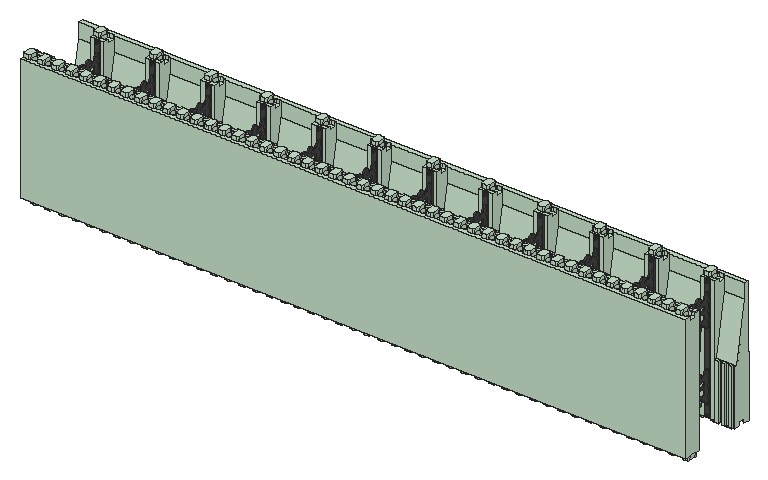
Revit family (continued)
Automatic sketch dimensions
  Extrusion 149 sketch curve to Extrusion 149 sketch curve = 0' - 0.07692"  (x2)
  Extrusion 149 sketch curve to Extrusion 149 sketch curve = 0' - 0.17323"
  Extrusion 149 sketch curve to Extrusion 149 sketch curve = 0' - 0.01019"
  Extrusion 149 sketch curve to Extrusion 149 sketch curve = 0' - 0.07677"
  Extrusion 149 sketch curve to Extrusion 149 sketch curve = 0' - 0.17083"
  Extrusion 149 sketch curve to Extrusion 149 sketch curve = 0' - 0.01665"
  Extrusion 149 sketch curve to Extrusion 149 sketch curve = 0' - 0.14808"
  Extrusion 149 sketch curve to Extrusion 149 sketch curve = 0' - 0.33686"
  Extrusion 149 sketch curve to Extrusion 149 sketch curve = 0' - 0.2216"
  Extrusion 150 sketch curve to plane 7 = 0' - 0.72692"
  Extrusion 150 sketch curve to plane 3 "Center (Left/Right)" = 1' - 3"
  Extrusion 150 sketch curve to Extrusion 150 sketch curve = 0' - 0.17308"  (x2)
  Extrusion 150 sketch curve to Extrusion 150 sketch curve = 0' - 0"  (x5)
  Extrusion 150 sketch curve to Extrusion 150 sketch curve = 0' - 0 1/4"  (x5)
  Extrusion 150 sketch curve to Extrusion 150 sketch curve = 0' - 0.17323"
  Extrusion 150 sketch curve to Extrusion 150 sketch curve = 0' - 0.01019"
  Extrusion 150 sketch curve to Extrusion 150 sketch curve = 0' - 0.07677"
  Extrusion 150 sketch curve to Extrusion 150 sketch curve = 0' - 0.07692"
  Extrusion 150 sketch curve to Extrusion 150 sketch curve = 0' - 0.17083"
  Extrusion 150 sketch curve to Extrusion 150 sketch curve = 0' - 0.01665"
  Extrusion 150 sketch curve to Extrusion 150 sketch curve = 0' - 0.14808"
  Extrusion 150 sketch curve to Extrusion 150 sketch curve = 0' - 0.33686"
  Extrusion 150 sketch curve to Extrusion 150 sketch curve = 0' - 0.2216"
  Extrusion 151 sketch curve to plane 7 = 0' - 0.72692"
  Extrusion 151 sketch curve to plane 3 "Center (Left/Right)" = 1' - 1"
  Extrusion 151 sketch curve to Extrusion 151 sketch curve = 0' - 0.17308"  (x2)
  Extrusion 151 sketch curve to Extrusion 151 sketch curve = 0' - 0"  (x5)
  Extrusion 151 sketch curve to Extrusion 151 sketch curve = 0' - 0 1/4"  (x5)
  Extrusion 151 sketch curve to Extrusion 151 sketch curve = 0' - 0.17323"
  Extrusion 151 sketch curve to Extrusion 151 sketch curve = 0' - 0.01019"
  Extrusion 151 sketch curve to Extrusion 151 sketch curve = 0' - 0.07677"
  Extrusion 151 sketch curve to Extrusion 151 sketch curve = 0' - 0.07692"
  Extrusion 151 sketch curve to Extrusion 151 sketch curve = 0' - 0.17083"
  Extrusion 151 sketch curve to Extrusion 151 sketch curve = 0' - 0.01665"
  Extrusion 151 sketch curve to Extrusion 151 sketch curve = 0' - 0.14808"
  Extrusion 151 sketch curve to Extrusion 151 sketch curve = 0' - 0.33686"
  Extrusion 151 sketch curve to Extrusion 151 sketch curve = 0' - 0.2216"
  Extrusion 152 sketch curve to plane 7 = 0' - 0.72692"
  Extrusion 152 sketch curve to plane 3 "Center (Left/Right)" = 0' - 11"
  Extrusion 152 sketch curve to Extrusion 152 sketch curve = 0' - 0.17308"  (x2)
  Extrusion 152 sketch curve to Extrusion 152 sketch curve = 0' - 0"  (x5)
  Extrusion 152 sketch curve to Extrusion 152 sketch curve = 0' - 0 1/4"  (x5)
  Extrusion 152 sketch curve to Extrusion 152 sketch curve = 0' - 0.17323"
  Extrusion 152 sketch curve to Extrusion 152 sketch curve = 0' - 0.01019"
  Extrusion 152 sketch curve to Extrusion 152 sketch curve = 0' - 0.07677"
  Extrusion 152 sketch curve to Extrusion 152 sketch curve = 0' - 0.07692"
  Extrusion 152 sketch curve to Extrusion 152 sketch curve = 0' - 0.17083"
  Extrusion 152 sketch curve to Extrusion 152 sketch curve = 0' - 0.01665"
  Extrusion 152 sketch curve to Extrusion 152 sketch curve = 0' - 0.14808"
  Extrusion 152 sketch curve to Extrusion 152 sketch curve = 0' - 0.33686"
  Extrusion 152 sketch curve to Extrusion 152 sketch curve = 0' - 0.2216"
  Extrusion 153 sketch curve to plane 7 = 0' - 0.72692"
  Extrusion 153 sketch curve to plane 3 "Center (Left/Right)" = 0' - 9"
  Extrusion 153 sketch curve to Extrusion 153 sketch curve = 0' - 0.17308"  (x2)
  Extrusion 153 sketch curve to Extrusion 153 sketch curve = 0' - 0"  (x5)
  Extrusion 153 sketch curve to Extrusion 153 sketch curve = 0' - 0 1/4"  (x5)
  Extrusion 153 sketch curve to Extrusion 153 sketch curve = 0' - 0.17323"
  Extrusion 153 sketch curve to Extrusion 153 sketch curve = 0' - 0.01019"
  Extrusion 153 sketch curve to Extrusion 153 sketch curve = 0' - 0.07677"
  Extrusion 153 sketch curve to Extrusion 153 sketch curve = 0' - 0.07692"
  Extrusion 153 sketch curve to Extrusion 153 sketch curve = 0' - 0.17083"
  Extrusion 153 sketch curve to Extrusion 153 sketch curve = 0' - 0.01665"
  Extrusion 153 sketch curve to Extrusion 153 sketch curve = 0' - 0.14808"
  Extrusion 153 sketch curve to Extrusion 153 sketch curve = 0' - 0.33686"
  Extrusion 153 sketch curve to Extrusion 153 sketch curve = 0' - 0.2216"
  Extrusion 154 sketch curve to plane 7 = 0' - 0.72692"
  Extrusion 154 sketch curve to plane 3 "Center (Left/Right)" = 0' - 7"
  Extrusion 154 sketch curve to Extrusion 154 sketch curve = 0' - 0.17308"  (x2)
  Extrusion 154 sketch curve to Extrusion 154 sketch curve = 0' - 0"  (x5)
  Extrusion 154 sketch curve to Extrusion 154 sketch curve = 0' - 0 1/4"  (x5)
  Extrusion 154 sketch curve to Extrusion 154 sketch curve = 0' - 0.17323"
  Extrusion 154 sketch curve to Extrusion 154 sketch curve = 0' - 0.01019"
  Extrusion 154 sketch curve to Extrusion 154 sketch curve = 0' - 0.07677"
  Extrusion 154 sketch curve to Extrusion 154 sketch curve = 0' - 0.07692"
  Extrusion 154 sketch curve to Extrusion 154 sketch curve = 0' - 0.17083"
  Extrusion 154 sketch curve to Extrusion 154 sketch curve = 0' - 0.01665"
  Extrusion 154 sketch curve to Extrusion 154 sketch curve = 0' - 0.14808"
  Extrusion 154 sketch curve to Extrusion 154 sketch curve = 0' - 0.33686"
  Extrusion 154 sketch curve to Extrusion 154 sketch curve = 0' - 0.2216"
  Extrusion 155 sketch curve to plane 7 = 0' - 0.72692"
  Extrusion 155 sketch curve to plane 3 "Center (Left/Right)" = 0' - 5"
  Extrusion 155 sketch curve to Extrusion 155 sketch curve = 0' - 0.17308"  (x2)
  Extrusion 155 sketch curve to Extrusion 155 sketch curve = 0' - 0"  (x5)
  Extrusion 155 sketch curve to Extrusion 155 sketch curve = 0' - 0 1/4"  (x5)
  Extrusion 155 sketch curve to Extrusion 155 sketch curve = 0' - 0.17323"
  Extrusion 155 sketch curve to Extrusion 155 sketch curve = 0' - 0.01019"
  Extrusion 155 sketch curve to Extrusion 155 sketch curve = 0' - 0.07677"
  Extrusion 155 sketch curve to Extrusion 155 sketch curve = 0' - 0.07692"
  Extrusion 155 sketch curve to Extrusion 155 sketch curve = 0' - 0.17083"
  Extrusion 155 sketch curve to Extrusion 155 sketch curve = 0' - 0.01665"
  Extrusion 155 sketch curve to Extrusion 155 sketch curve = 0' - 0.14808"
  Extrusion 155 sketch curve to Extrusion 155 sketch curve = 0' - 0.33686"
  Extrusion 155 sketch curve to Extrusion 155 sketch curve = 0' - 0.2216"
  Extrusion 156 sketch curve to plane 7 = 0' - 0.72692"
  Extrusion 156 sketch curve to plane 3 "Center (Left/Right)" = 0' - 3"
  Extrusion 156 sketch curve to Extrusion 156 sketch curve = 0' - 0.17308"  (x2)
  Extrusion 156 sketch curve to Extrusion 156 sketch curve = 0' - 0"  (x5)
  Extrusion 156 sketch curve to Extrusion 156 sketch curve = 0' - 0.07692"  (x2)
  Extrusion 156 sketch curve to Extrusion 156 sketch curve = 0' - 0 1/4"  (x4)
  Extrusion 156 sketch curve to Extrusion 156 sketch curve = 0' - 0.17323"
  Extrusion 156 sketch curve to Extrusion 156 sketch curve = 0' - 0.01019"
  Extrusion 156 sketch curve to Extrusion 156 sketch curve = 0' - 0.07677"
  Extrusion 156 sketch curve to Extrusion 156 sketch curve = 0' - 0.17083"
  Extrusion 156 sketch curve to Extrusion 156 sketch curve = 0' - 0.01665"
  Extrusion 156 sketch curve to Extrusion 156 sketch curve = 0' - 0.14808"
  Extrusion 156 sketch curve to Extrusion 156 sketch curve = 0' - 0.33686"
  Extrusion 156 sketch curve to Extrusion 156 sketch curve = 0' - 0.2216"
  Extrusion 157 sketch curve to plane 3 "Center (Left/Right)" = 0' - 1"
  Extrusion 157 sketch curve to Extrusion 157 sketch curve = 0' - 0.17308"  (x2)
  Extrusion 157 sketch curve to Extrusion 157 sketch curve = 0' - 0"  (x5)
  Extrusion 157 sketch curve to Extrusion 157 sketch curve = 0' - 0 1/4"  (x4)
  Extrusion 157 sketch curve to Extrusion 157 sketch curve = 0' - 0.07692"  (x2)
  Extrusion 157 sketch curve to Extrusion 157 sketch curve = 0' - 0.17323"
  Extrusion 157 sketch curve to Extrusion 157 sketch curve = 0' - 0.01019"
  Extrusion 157 sketch curve to Extrusion 157 sketch curve = 0' - 0.07677"
  Extrusion 157 sketch curve to Extrusion 157 sketch curve = 0' - 0.17083"
  Extrusion 157 sketch curve to Extrusion 157 sketch curve = 0' - 0.01665"
  Extrusion 157 sketch curve to plane 7 = 0' - 0.48905"
  Extrusion 157 sketch curve to Extrusion 157 sketch curve = 0' - 0.14808"
  Extrusion 157 sketch curve to Extrusion 157 sketch curve = 0' - 0.33686"
  Extrusion 157 sketch curve to Extrusion 157 sketch curve = 0' - 0.2216"
  curve 1 to level = 0' - 0"
  curve 1 to plane 9 = 0' - 0"
  plane 3 "Center (Left/Right)" to curve 1 = 0' - 8"
  curve 5 to plane 9 = 0' - 0"
  curve 5 to level = 0' - 0"
  curve 4 to plane 9 = 0' - 0"
  curve 4 to level = 0' - 0"
  curve 3 to level = 0' - 0"
  curve 3 to plane 9 = 0' - 0"
  curve 2 to level = 0' - 0"
  curve 2 to plane 9 = 0' - 0"
  plane 3 "Center (Left/Right)" to curve 5 = 1' - 4"
  curve 5 to curve 4 = 2' - 0"
  curve 4 to curve 3 = 2' - 0"
  curve 2 to plane 4 = 0' - 8"
  Extrusion 158 sketch curve to level = 0' - 0"
  Extrusion 158 sketch curve to plane 9 = 0' - 0"
  Extrusion 158 sketch curve to plane 7 = 0' - 0"
  Extrusion 158 sketch curve to Extrusion 158 sketch curve = 0' - 0 1/4"
  Extrusion 158 sketch curve to Extrusion 158 sketch curve = 0' - 0 5/8"
  Extrusion 158 sketch curve to Extrusion 158 sketch curve = 0' - 8"
  Extrusion 158 sketch curve to Extrusion 158 sketch curve = 0' - 2.07143"
  Extrusion 158 sketch curve to plane 5 = 0' - 0 1/2"
  Extrusion 159 sketch curve to plane 9 = 0' - 0"
  Extrusion 159 sketch curve to plane 5 = 0' - 0 1/4"
  Extrusion 159 sketch curve to Extrusion 159 sketch curve = 0' - 0 1/4"
  plane 7 to Extrusion 159 sketch curve = 0' - 0 5/8"
  Extrusion 159 sketch curve to Extrusion 159 sketch curve = 0' - 2.07143"
  level to Extrusion 159 sketch curve = 0' - 8"
  Extrusion 160 sketch curve to plane 9 = 0' - 0"
  Extrusion 160 sketch curve to plane 5 = 0' - 0 1/4"
  Extrusion 160 sketch curve to Extrusion 160 sketch curve = 0' - 0 1/4"
  plane 7 to Extrusion 160 sketch curve = 0' - 0 5/8"
  Extrusion 160 sketch curve to Extrusion 160 sketch curve = 0' - 2.07143"
  level to Extrusion 160 sketch curve = 0' - 8"
  Extrusion 161 sketch curve to plane 9 = 0' - 0"
  Extrusion 161 sketch curve to plane 5 = 0' - 0 1/4"
  Extrusion 161 sketch curve to Extrusion 161 sketch curve = 0' - 0 1/4"
  plane 7 to Extrusion 161 sketch curve = 0' - 0 5/8"
  Extrusion 161 sketch curve to Extrusion 161 sketch curve = 0' - 2.07143"
  level to Extrusion 161 sketch curve = 0' - 8"
  Extrusion 162 sketch curve to plane 9 = 0' - 0"
  Extrusion 162 sketch curve to plane 5 = 0' - 0 1/4"
  Extrusion 162 sketch curve to Extrusion 162 sketch curve = 0' - 0 1/4"
  plane 7 to Extrusion 162 sketch curve = 0' - 0 5/8"
  Extrusion 162 sketch curve to Extrusion 162 sketch curve = 0' - 2.07143"
  level to Extrusion 162 sketch curve = 0' - 8"
  Extrusion 163 sketch curve to plane 9 = 0' - 0"
  Extrusion 163 sketch curve to plane 5 = 0' - 0 1/4"
  Extrusion 163 sketch curve to Extrusion 163 sketch curve = 0' - 0 1/4"
  plane 7 to Extrusion 163 sketch curve = 0' - 0 5/8"
  Extrusion 163 sketch curve to Extrusion 163 sketch curve = 0' - 2.07143"
  level to Extrusion 163 sketch curve = 0' - 8"
  Extrusion 164 sketch curve to plane 9 = 0' - 0"
  Extrusion 164 sketch curve to plane 5 = 0' - 0 1/4"
  Extrusion 164 sketch curve to Extrusion 164 sketch curve = 0' - 0 1/4"
  plane 7 to Extrusion 164 sketch curve = 0' - 0 5/8"
  Extrusion 164 sketch curve to Extrusion 164 sketch curve = 0' - 2.07143"
  level to Extrusion 164 sketch curve = 0' - 8"
  Extrusion 165 sketch curve to plane 9 = 0' - 0"
  Extrusion 165 sketch curve to plane 5 = 0' - 0 1/4"
  Extrusion 165 sketch curve to Extrusion 165 sketch curve = 0' - 0 1/4"
  plane 7 to Extrusion 165 sketch curve = 0' - 0 5/8"
  Extrusion 165 sketch curve to Extrusion 165 sketch curve = 0' - 2.07143"
  level to Extrusion 165 sketch curve = 0' - 8"
  Extrusion 166 sketch curve to plane 9 = 0' - 0"
  Extrusion 166 sketch curve to plane 5 = 0' - 0 1/4"
  Extrusion 166 sketch curve to Extrusion 166 sketch curve = 0' - 0 1/4"
  plane 7 to Extrusion 166 sketch curve = 0' - 0 5/8"
  Extrusion 166 sketch curve to Extrusion 166 sketch curve = 0' - 2.07143"
  level to Extrusion 166 sketch curve = 0' - 8"
  Extrusion 167 sketch curve to plane 9 = 0' - 0"
  Extrusion 167 sketch curve to plane 5 = 0' - 0 1/4"
  Extrusion 167 sketch curve to Extrusion 167 sketch curve = 0' - 0 1/4"
  plane 7 to Extrusion 167 sketch curve = 0' - 0 5/8"
  Extrusion 167 sketch curve to Extrusion 167 sketch curve = 0' - 2.07143"
  level to Extrusion 167 sketch curve = 0' - 8"
  Extrusion 168 sketch curve to plane 9 = 0' - 0"
  Extrusion 168 sketch curve to plane 5 = 0' - 0 1/4"
  Extrusion 168 sketch curve to Extrusion 168 sketch curve = 0' - 0 1/4"
  plane 7 to Extrusion 168 sketch curve = 0' - 0 5/8"
  Extrusion 168 sketch curve to Extrusion 168 sketch curve = 0' - 2.07143"
  level to Extrusion 168 sketch curve = 0' - 8"
  Extrusion 169 sketch curve to plane 9 = 0' - 0"
  Extrusion 169 sketch curve to plane 5 = 0' - 0 1/4"
  Extrusion 169 sketch curve to Extrusion 169 sketch curve = 0' - 0 1/4"
  plane 7 to Extrusion 169 sketch curve = 0' - 0 5/8"
  Extrusion 169 sketch curve to Extrusion 169 sketch curve = 0' - 2.07143"
  level to Extrusion 169 sketch curve = 0' - 8"
  Extrusion 170 sketch curve to plane 9 = 0' - 0"
  Extrusion 170 sketch curve to plane 5 = 0' - 0 1/4"
  Extrusion 170 sketch curve to Extrusion 170 sketch curve = 0' - 0 1/4"
  plane 7 to Extrusion 170 sketch curve = 0' - 0 5/8"
  Extrusion 170 sketch curve to Extrusion 170 sketch curve = 0' - 2.07143"
  level to Extrusion 170 sketch curve = 0' - 8"
  Extrusion 171 sketch curve to plane 9 = 0' - 0"
  Extrusion 171 sketch curve to plane 5 = 0' - 0 1/4"
  Extrusion 171 sketch curve to Extrusion 171 sketch curve = 0' - 0 1/4"
  plane 7 to Extrusion 171 sketch curve = 0' - 0 5/8"
  Extrusion 171 sketch curve to Extrusion 171 sketch curve = 0' - 2.07143"
  level to Extrusion 171 sketch curve = 0' - 8"
  plane 3 "Center (Left/Right)" to Extrusion 172 sketch curve = 0' - 0.21883"
  Extrusion 172 sketch curve to Extrusion 172 sketch curve = 0' - 0.06233"  (x143)
  Extrusion 172 sketch curve to Extrusion 172 sketch curve = 0' - 0.43767"  (x130)
  Extrusion 172 sketch curve to Extrusion 172 sketch curve = 0' - 2.43767"  (x12)
  plane 7 to Extrusion 172 sketch curve = 0' - 2 5/8"  (x31)
  plane 7 to Extrusion 172 sketch curve = 0' - 2 3/8"  (x29)
  Extrusion 172 sketch curve to plane 4 = 0' - 0.28117"
  Extrusion 172 sketch curve to plane 4 = 0' - 0.21883"
  Extrusion 172 sketch curve to Extrusion 172 sketch curve = 0' - 0"  (x34)
  Extrusion 172 sketch curve to Extrusion 172 sketch curve = 0' - 0 1/4"  (x50)
Nested families (in)
  nested 1: "NUDURA Diamond Pattern" at (0, 0, 0), type "NUDURA Diamond Pattern"
  nested 2: "NUDURA Diamond Pattern" at (16, 0, 0), type "NUDURA Diamond Pattern"
  nested 3: "NUDURA Diamond Pattern" at (24, 0, 0), type "NUDURA Diamond Pattern"
  nested 4: "NUDURA Diamond Pattern" at (40, 0, 0), type "NUDURA Diamond Pattern"
  nested 5: "NUDURA Diamond Pattern" at (48, 0, 0), type "NUDURA Diamond Pattern"
  nested 6: "NUDURA Diamond Pattern" at (64, 0, 0), type "NUDURA Diamond Pattern"
  nested 7: "NUDURA Diamond Pattern" at (72, 0, 0), type "NUDURA Diamond Pattern"
  nested 8: "NUDURA Diamond Pattern" at (88, 0, 0), type "NUDURA Diamond Pattern"
  nested 9: "NUDURA Diamond Pattern" at (0, 0, 0), type "NUDURA Diamond Pattern"
  nested 10: "NUDURA Diamond Pattern" at (16, 0, 0), type "NUDURA Diamond Pattern"
  nested 11: "NUDURA Diamond Pattern" at (24, 0, 0), type "NUDURA Diamond Pattern"
  nested 12: "NUDURA Diamond Pattern" at (40, 0, 0), type "NUDURA Diamond Pattern"
  nested 13: "NUDURA Diamond Pattern" at (48, 0, 0), type "NUDURA Diamond Pattern"
  nested 14: "NUDURA Diamond Pattern" at (64, 0, 0), type "NUDURA Diamond Pattern"
  nested 15: "NUDURA Diamond Pattern" at (72, 0, 0), type "NUDURA Diamond Pattern"
  nested 16: "NUDURA Diamond Pattern" at (88, 0, 0), type "NUDURA Diamond Pattern"
  nested 17: "Interlock Tooth" at (0, 0, 0), type "Interlock Tooth"
  nested 18: "Interlock Tooth" at (2, 0, 0), type "Interlock Tooth"
  nested 19: "Interlock Tooth" at (4, 0, 0), type "Interlock Tooth"
  nested 20: "Interlock Tooth" at (6, 0, 0), type "Interlock Tooth"
  nested 21: "Interlock Tooth" at (8, 0, 0), type "Interlock Tooth"
  nested 22: "Interlock Tooth" at (10, 0, 0), type "Interlock Tooth"
  nested 23: "Interlock Tooth" at (12, 0, 0), type "Interlock Tooth"
  nested 24: "Interlock Tooth" at (14, 0, 0), type "Interlock Tooth"
  nested 25: "Interlock Tooth" at (16, 0, 0), type "Interlock Tooth"
  nested 26: "Interlock Tooth" at (18, 0, 0), type "Interlock Tooth"
  nested 27: "Interlock Tooth" at (20, 0, 0), type "Interlock Tooth"
  nested 28: "Interlock Tooth" at (22, 0, 0), type "Interlock Tooth"
  nested 29: "Interlock Tooth" at (24, 0, 0), type "Interlock Tooth"
  nested 30: "Interlock Tooth" at (26, 0, 0), type "Interlock Tooth"
  nested 31: "Interlock Tooth" at (28, 0, 0), type "Interlock Tooth"
  nested 32: "Interlock Tooth" at (30, 0, 0), type "Interlock Tooth"
  nested 33: "Interlock Tooth" at (32, 0, 0), type "Interlock Tooth"
  nested 34: "Interlock Tooth" at (34, 0, 0), type "Interlock Tooth"
  nested 35: "Interlock Tooth" at (36, 0, 0), type "Interlock Tooth"
  nested 36: "Interlock Tooth" at (38, 0, 0), type "Interlock Tooth"
  nested 37: "Interlock Tooth" at (40, 0, 0), type "Interlock Tooth"
  nested 38: "Interlock Tooth" at (42, 0, 0), type "Interlock Tooth"
  nested 39: "Interlock Tooth" at (44, 0, 0), type "Interlock Tooth"
  nested 40: "Interlock Tooth" at (46, 0, 0), type "Interlock Tooth"
  nested 41: "Interlock Tooth" at (48, 0, 0), type "Interlock Tooth"
  nested 42: "Interlock Tooth" at (50, 0, 0), type "Interlock Tooth"
  nested 43: "Interlock Tooth" at (52, 0, 0), type "Interlock Tooth"
  nested 44: "Interlock Tooth" at (54, 0, 0), type "Interlock Tooth"
  nested 45: "Interlock Tooth" at (56, 0, 0), type "Interlock Tooth"
  nested 46: "Interlock Tooth" at (58, 0, 0), type "Interlock Tooth"
  nested 47: "Interlock Tooth" at (60, 0, 0), type "Interlock Tooth"
  nested 48: "Interlock Tooth" at (62, 0, 0), type "Interlock Tooth"
  nested 49: "Interlock Tooth" at (64, 0, 0), type "Interlock Tooth"
  nested 50: "Interlock Tooth" at (66, 0, 0), type "Interlock Tooth"
  nested 51: "Interlock Tooth" at (68, 0, 0), type "Interlock Tooth"
  nested 52: "Interlock Tooth" at (70, 0, 0), type "Interlock Tooth"
  nested 53: "Interlock Tooth" at (72, 0, 0), type "Interlock Tooth"
  nested 54: "Interlock Tooth" at (74, 0, 0), type "Interlock Tooth"
  nested 55: "Interlock Tooth" at (76, 0, 0), type "Interlock Tooth"
  nested 56: "Interlock Tooth" at (78, 0, 0), type "Interlock Tooth"
  nested 57: "Interlock Tooth" at (80, 0, 0), type "Interlock Tooth"
  nested 58: "Interlock Tooth" at (82, 0, 0), type "Interlock Tooth"
  nested 59: "Interlock Tooth" at (84, 0, 0), type "Interlock Tooth"
  nested 60: "Interlock Tooth" at (86, 0, 0), type "Interlock Tooth"
  nested 61: "Interlock Tooth" at (88, 0, 0), type "Interlock Tooth"
  nested 62: "Interlock Tooth" at (90, 0, 0), type "Interlock Tooth"
  nested 63: "Interlock Tooth" at (92, 0, 0), type "Interlock Tooth"
  nested 64: "Interlock Tooth" at (94, 0, 0), type "Interlock Tooth"
  nested 65: "Interlock Tooth" at (3, 8.875, 0), type "Interlock Tooth"
  nested 66: "Interlock Tooth" at (11, 8.875, 0), type "Interlock Tooth"
  nested 67: "Interlock Tooth" at (19, 8.875, 0), type "Interlock Tooth"
  nested 68: "Interlock Tooth" at (27, 8.875, 0), type "Interlock Tooth"
  nested 69: "Interlock Tooth" at (35, 8.875, 0), type "Interlock Tooth"
  nested 70: "Interlock Tooth" at (43, 8.875, 0), type "Interlock Tooth"
  nested 71: "Interlock Tooth" at (51, 8.875, 0), type "Interlock Tooth"
  nested 72: "Interlock Tooth" at (59, 8.875, 0), type "Interlock Tooth"
  nested 73: "Interlock Tooth" at (67, 8.875, 0), type "Interlock Tooth"
  nested 74: "Interlock Tooth" at (75, 8.875, 0), type "Interlock Tooth"
  nested 75: "Interlock Tooth" at (83, 8.875, 0), type "Interlock Tooth"
  nested 76: "Interlock Tooth" at (91, 8.875, 0), type "Interlock Tooth"
  nested 77: "Interlock Tooth" at (1, -8.875, -18.5), type "Interlock Tooth"
  nested 78: "Interlock Tooth" at (3, -8.875, -18.5), type "Interlock Tooth"
  nested 79: "Interlock Tooth" at (5, -8.875, -18.5), type "Interlock Tooth"
  nested 80: "Interlock Tooth" at (7, -8.875, -18.5), type "Interlock Tooth"
  nested 81: "Interlock Tooth" at (9, -8.875, -18.5), type "Interlock Tooth"
  nested 82: "Interlock Tooth" at (11, -8.875, -18.5), type "Interlock Tooth"
  nested 83: "Interlock Tooth" at (13, -8.875, -18.5), type "Interlock Tooth"
  nested 84: "Interlock Tooth" at (15, -8.875, -18.5), type "Interlock Tooth"
  nested 85: "Interlock Tooth" at (17, -8.875, -18.5), type "Interlock Tooth"
  nested 86: "Interlock Tooth" at (19, -8.875, -18.5), type "Interlock Tooth"
  nested 87: "Interlock Tooth" at (21, -8.875, -18.5), type "Interlock Tooth"
  nested 88: "Interlock Tooth" at (23, -8.875, -18.5), type "Interlock Tooth"
  nested 89: "Interlock Tooth" at (25, -8.875, -18.5), type "Interlock Tooth"
  nested 90: "Interlock Tooth" at (27, -8.875, -18.5), type "Interlock Tooth"
  nested 91: "Interlock Tooth" at (29, -8.875, -18.5), type "Interlock Tooth"
  nested 92: "Interlock Tooth" at (31, -8.875, -18.5), type "Interlock Tooth"
  nested 93: "Interlock Tooth" at (33, -8.875, -18.5), type "Interlock Tooth"
  nested 94: "Interlock Tooth" at (35, -8.875, -18.5), type "Interlock Tooth"
  nested 95: "Interlock Tooth" at (37, -8.875, -18.5), type "Interlock Tooth"
  nested 96: "Interlock Tooth" at (39, -8.875, -18.5), type "Interlock Tooth"
  nested 97: "Interlock Tooth" at (41, -8.875, -18.5), type "Interlock Tooth"
  nested 98: "Interlock Tooth" at (43, -8.875, -18.5), type "Interlock Tooth"
  nested 99: "Interlock Tooth" at (45, -8.875, -18.5), type "Interlock Tooth"
  nested 100: "Interlock Tooth" at (47, -8.875, -18.5), type "Interlock Tooth"
  nested 101: "Interlock Tooth" at (49, -8.875, -18.5), type "Interlock Tooth"
  nested 102: "Interlock Tooth" at (51, -8.875, -18.5), type "Interlock Tooth"
  nested 103: "Interlock Tooth" at (53, -8.875, -18.5), type "Interlock Tooth"
  nested 104: "Interlock Tooth" at (55, -8.875, -18.5), type "Interlock Tooth"
  nested 105: "Interlock Tooth" at (57, -8.875, -18.5), type "Interlock Tooth"
  nested 106: "Interlock Tooth" at (59, -8.875, -18.5), type "Interlock Tooth"
  nested 107: "Interlock Tooth" at (61, -8.875, -18.5), type "Interlock Tooth"
  nested 108: "Interlock Tooth" at (63, -8.875, -18.5), type "Interlock Tooth"
  nested 109: "Interlock Tooth" at (65, -8.875, -18.5), type "Interlock Tooth"
  nested 110: "Interlock Tooth" at (67, -8.875, -18.5), type "Interlock Tooth"
  nested 111: "Interlock Tooth" at (69, -8.875, -18.5), type "Interlock Tooth"
  nested 112: "Interlock Tooth" at (71, -8.875, -18.5), type "Interlock Tooth"
  nested 113: "Interlock Tooth" at (73, -8.875, -18.5), type "Interlock Tooth"
  nested 114: "Interlock Tooth" at (75, -8.875, -18.5), type "Interlock Tooth"
  nested 115: "Interlock Tooth" at (77, -8.875, -18.5), type "Interlock Tooth"
  nested 116: "Interlock Tooth" at (79, -8.875, -18.5), type "Interlock Tooth"
  nested 117: "Interlock Tooth" at (81, -8.875, -18.5), type "Interlock Tooth"
  nested 118: "Interlock Tooth" at (83, -8.875, -18.5), type "Interlock Tooth"
  nested 119: "Interlock Tooth" at (85, -8.875, -18.5), type "Interlock Tooth"
  nested 120: "Interlock Tooth" at (87, -8.875, -18.5), type "Interlock Tooth"
  nested 121: "Interlock Tooth" at (89, -8.875, -18.5), type "Interlock Tooth"
  nested 122: "Interlock Tooth" at (91, -8.875, -18.5), type "Interlock Tooth"
  nested 123: "Interlock Tooth" at (93, -8.875, -18.5), type "Interlock Tooth"
  nested 124: "Interlock Tooth" at (95, -8.875, -18.5), type "Interlock Tooth"
  nested 125: "Interlock Tooth" at (0, 0, -18.5), type "Interlock Tooth"
  nested 126: "Interlock Tooth" at (2, 0, -18.5), type "Interlock Tooth"
  nested 127: "Interlock Tooth" at (4, 0, -18.5), type "Interlock Tooth"
  nested 128: "Interlock Tooth" at (6, 0, -18.5), type "Interlock Tooth"
  nested 129: "Interlock Tooth" at (8, 0, -18.5), type "Interlock Tooth"
  nested 130: "Interlock Tooth" at (10, 0, -18.5), type "Interlock Tooth"
  nested 131: "Interlock Tooth" at (12, 0, -18.5), type "Interlock Tooth"
  nested 132: "Interlock Tooth" at (14, 0, -18.5), type "Interlock Tooth"
  nested 133: "Interlock Tooth" at (16, 0, -18.5), type "Interlock Tooth"
  nested 134: "Interlock Tooth" at (18, 0, -18.5), type "Interlock Tooth"
  nested 135: "Interlock Tooth" at (20, 0, -18.5), type "Interlock Tooth"
  nested 136: "Interlock Tooth" at (22, 0, -18.5), type "Interlock Tooth"
  nested 137: "Interlock Tooth" at (24, 0, -18.5), type "Interlock Tooth"
  nested 138: "Interlock Tooth" at (26, 0, -18.5), type "Interlock Tooth"
  nested 139: "Interlock Tooth" at (28, 0, -18.5), type "Interlock Tooth"
  nested 140: "Interlock Tooth" at (30, 0, -18.5), type "Interlock Tooth"
  nested 141: "Interlock Tooth" at (32, 0, -18.5), type "Interlock Tooth"
  nested 142: "Interlock Tooth" at (34, 0, -18.5), type "Interlock Tooth"
  nested 143: "Interlock Tooth" at (36, 0, -18.5), type "Interlock Tooth"
  nested 144: "Interlock Tooth" at (38, 0, -18.5), type "Interlock Tooth"
  nested 145: "Interlock Tooth" at (40, 0, -18.5), type "Interlock Tooth"
  nested 146: "Interlock Tooth" at (42, 0, -18.5), type "Interlock Tooth"
  nested 147: "Interlock Tooth" at (44, 0, -18.5), type "Interlock Tooth"
  nested 148: "Interlock Tooth" at (46, 0, -18.5), type "Interlock Tooth"
  nested 149: "Interlock Tooth" at (48, 0, -18.5), type "Interlock Tooth"
  nested 150: "Interlock Tooth" at (50, 0, -18.5), type "Interlock Tooth"
  nested 151: "Interlock Tooth" at (52, 0, -18.5), type "Interlock Tooth"
  nested 152: "Interlock Tooth" at (54, 0, -18.5), type "Interlock Tooth"
  nested 153: "Interlock Tooth" at (56, 0, -18.5), type "Interlock Tooth"
  nested 154: "Interlock Tooth" at (58, 0, -18.5), type "Interlock Tooth"
  nested 155: "Interlock Tooth" at (60, 0, -18.5), type "Interlock Tooth"
  nested 156: "Interlock Tooth" at (62, 0, -18.5), type "Interlock Tooth"
  nested 157: "Interlock Tooth" at (64, 0, -18.5), type "Interlock Tooth"
  nested 158: "Interlock Tooth" at (66, 0, -18.5), type "Interlock Tooth"
  nested 159: "Interlock Tooth" at (68, 0, -18.5), type "Interlock Tooth"
  nested 160: "Interlock Tooth" at (70, 0, -18.5), type "Interlock Tooth"
  nested 161: "Interlock Tooth" at (72, 0, -18.5), type "Interlock Tooth"
  nested 162: "Interlock Tooth" at (74, 0, -18.5), type "Interlock Tooth"
  nested 163: "Interlock Tooth" at (76, 0, -18.5), type "Interlock Tooth"
  nested 164: "Interlock Tooth" at (78, 0, -18.5), type "Interlock Tooth"
  nested 165: "Interlock Tooth" at (80, 0, -18.5), type "Interlock Tooth"
  nested 166: "Interlock Tooth" at (82, 0, -18.5), type "Interlock Tooth"
  nested 167: "Interlock Tooth" at (84, 0, -18.5), type "Interlock Tooth"
  nested 168: "Interlock Tooth" at (86, 0, -18.5), type "Interlock Tooth"
  nested 169: "Interlock Tooth" at (88, 0, -18.5), type "Interlock Tooth"
  nested 170: "Interlock Tooth" at (90, 0, -18.5), type "Interlock Tooth"
  nested 171: "Interlock Tooth" at (92, 0, -18.5), type "Interlock Tooth"
  nested 172: "Interlock Tooth" at (94, 0, -18.5), type "Interlock Tooth"
  nested 173: "6-inch Web" at (4, 0.005, 0), type "6-inch Web"
  nested 174: "6-inch Web" at (12, 0.005, 0), type "6-inch Web"
  nested 175: "6-inch Web" at (20, 0.005, 0), type "6-inch Web"
  nested 176: "6-inch Web" at (28, 0.005, 0), type "6-inch Web"
  nested 177: "6-inch Web" at (36, 0.005, 0), type "6-inch Web"
  nested 178: "6-inch Web" at (44, 0.005, 0), type "6-inch Web"
  nested 179: "6-inch Web" at (52, 0.005, 0), type "6-inch Web"
  nested 180: "6-inch Web" at (60, 0.005, 0), type "6-inch Web"
  nested 181: "6-inch Web" at (68, 0.005, 0), type "6-inch Web"
  nested 182: "6-inch Web" at (76, 0.005, 0), type "6-inch Web"
  nested 183: "6-inch Web" at (84, 0.005, 0), type "6-inch Web"
  nested 184: "6-inch Web" at (92, 0.005, 0), type "6-inch Web"
  nested 185: "NUDURA Logo Diamond" at (0, -5.625, 0), type "NUDURA Logo Diamond"
  nested 186: "NUDURA Logo Diamond" at (24, -5.625, 0), type "NUDURA Logo Diamond"
  nested 187: "NUDURA Logo Diamond" at (48, -5.625, 0), type "NUDURA Logo Diamond"
  nested 188: "NUDURA Logo Diamond" at (72, -5.625, 0), type "NUDURA Logo Diamond"
  nested 189: "NUDURA Logo Diamond" at (95.99744, 5.625, 0) x (-1, 0, 0) z (0, 0, 1), type "NUDURA Logo Diamond"
  nested 190: "NUDURA Logo Diamond" at (71.99744, 5.625, 0) x (-1, 0, 0) z (0, 0, 1), type "NUDURA Logo Diamond"
  nested 191: "NUDURA Logo Diamond" at (47.99744, 5.625, 0) x (-1, 0, 0) z (0, 0, 1), type "NUDURA Logo Diamond"
  nested 192: "NUDURA Logo Diamond" at (23.99744, 5.625, 0) x (-1, 0, 0) z (0, 0, 1), type "NUDURA Logo Diamond"
Definition of nested family "Interlock Tooth"
  Reference planes (in)
    plane 1 "Center (Front/Back)": y = 0
    plane 2: z = 0
    plane 3 "Center (Left/Right)": x = 0
    plane 4: z = 18
    plane 5: z = 18.5
    plane 6: z = -0.5
  Forms (in)
    Extrusion 1, solid, material "EPs- NUDURA- Foam Panel"
      sketch origin (0, -8.875, 0) x (1, 0, 0) y (0, 1, 0)
        loop
          arc (0, 3.97692) -> (0.04785, 3.82983) -> (0.17308, 3.73905) r 0.25
          arc (0.17308, 3.73905) -> (0.5, 3.6875) -> (0.82692, 3.73905) r 1.0625
          arc (0.82692, 3.73905) -> (0.95215, 3.82983) -> (1, 3.97692) r 0.25
          line (1, 3.97692) -> (1, 4.89808)
          arc (1, 4.89808) -> (0.95215, 5.04517) -> (0.82692, 5.13595) r 0.25
          arc (0.82692, 5.13595) -> (0.5, 5.1875) -> (0.17308, 5.13595) r 1.0625
          arc (0.17308, 5.13595) -> (0.04785, 5.04517) -> (0, 4.89808) r 0.25
          line (0, 4.89808) -> (0, 3.97692)
      from 18 to 18.5
  Dimensions and locks (in)
    locked: plane 4 to level at 18
    locked: plane 4 to plane 5 at 0.5
    locked: plane 6 to level at 0.5
Definition of nested family "6-inch Web"
  Reference planes (in)
    plane 1 "Center (Front/Back)": y = 0
    plane 2: z = 0
    plane 3 "Center (Left/Right)": x = 0
  Forms (in)
    Extrusion 1, solid, material "Polypropylene- NUDURA"
      sketch origin (0, 0, -0.5) x (0, 1, 0) y (0, 0, 1)
        loop
          line (2.995, 3.6038) -> (2.8844, 3.6038) -> (2.8844, 3.6738) -> (3.1275, 3.6738)
          arc (3.1275, 3.6738) -> (3.17169, 3.65549) -> (3.19, 3.6113) r 0.0625
          line (3.19, 3.6113) -> (3.19, 4.3963)
          arc (3.19, 4.3963) -> (3.17169, 4.3521) -> (3.1275, 4.3338) r 0.0625
          line (3.1275, 4.3338) -> (2.8844, 4.3338) -> (2.8844, 4.4038) -> (2.995, 4.4038) -> (2.995, 4.9038) -> (2.8844, 4.9038) -> (2.8844, 4.9738) -> (3.1275, 4.9738)
          arc (3.1275, 4.9738) -> (3.17169, 4.95549) -> (3.19, 4.9113) r 0.0625
          line (3.19, 4.9113) -> (3.19, 5.6963)
          arc (3.19, 5.6963) -> (3.17169, 5.6521) -> (3.1275, 5.6338) r 0.0625
          line (3.1275, 5.6338) -> (2.8844, 5.6338) -> (2.8844, 5.7038) -> (2.995, 5.7038) -> (2.995, 6.20377) -> (2.8844, 6.20377) -> (2.8844, 6.2738) -> (3.1275, 6.2738)
          arc (3.1275, 6.2738) -> (3.17169, 6.25549) -> (3.19, 6.2113) r 0.0625
          line (3.19, 6.2113) -> (3.19, 6.8109) -> (3.09, 6.8109)
          arc (3.09, 6.8109) -> (2.98601, 6.70794) -> (2.85666, 6.6395) r 0.5
          arc (2.85666, 6.6395) -> (2.73587, 6.54813) -> (2.69, 6.4038) r 0.25
          line (2.69, 6.4038) -> (2.69, 6.3363)
          arc (2.69, 6.3363) -> (2.7083, 6.2921) -> (2.7525, 6.2738) r 0.0625
          line (2.7525, 6.2738) -> (2.80974, 6.2738) -> (2.80974, 6.20377) -> (2.695, 6.20377)
          arc (2.695, 6.20377) -> (2.49379, 6.21279) -> (2.29847, 6.26195) r 1
          arc (2.29847, 6.26195) -> (2.20889, 6.24343) -> (2.18179, 6.15605) r 0.09
          arc (2.18179, 6.15605) -> (1.74446, 5.81508) -> (1.77171, 6.36896) r 0.305
          arc (1.77171, 6.36896) -> (1.89426, 6.65493) -> (1.60829, 6.77748) r 0.22
          arc (1.60829, 6.77748) -> (1.32045, 6.57189) -> (1.15988, 6.25672) r 0.745
          arc (1.15988, 6.25672) -> (1.09328, 5.94527) -> (0.99404, 5.64264) r 3
          arc (0.99404, 5.64264) -> (0.48542, 5.5766) -> (0.63581, 6.06695) r 0.305
          arc (0.63581, 6.06695) -> (0.81067, 6.29127) -> (0.64859, 6.52499) r 0.24
          arc (0.64859, 6.52499) -> (0.32877, 6.60587) -> (0, 6.63308) r 2
          arc (0, 6.63308) -> (-0.32877, 6.60587) -> (-0.64859, 6.52499) r 2
          arc (-0.64859, 6.52499) -> (-0.81067, 6.29127) -> (-0.63581, 6.06695) r 0.24
          arc (-0.63581, 6.06695) -> (-0.48542, 5.5766) -> (-0.99404, 5.64264) r 0.305
          arc (-0.99404, 5.64264) -> (-1.09328, 5.94527) -> (-1.15988, 6.25672) r 3
          arc (-1.15988, 6.25672) -> (-1.32045, 6.57189) -> (-1.60829, 6.77748) r 0.745
          arc (-1.60829, 6.77748) -> (-1.89426, 6.65493) -> (-1.77171, 6.36896) r 0.22
          arc (-1.77171, 6.36896) -> (-1.74446, 5.81508) -> (-2.18179, 6.15605) r 0.305
          arc (-2.18179, 6.15605) -> (-2.20889, 6.24343) -> (-2.29847, 6.26195) r 0.09
          arc (-2.29847, 6.26195) -> (-2.49379, 6.21279) -> (-2.695, 6.20377) r 1
          line (-2.695, 6.20377) -> (-2.80974, 6.20377) -> (-2.80974, 6.2738) -> (-2.7525, 6.2738)
          arc (-2.7525, 6.2738) -> (-2.7083, 6.2921) -> (-2.69, 6.3363) r 0.0625
          line (-2.69, 6.3363) -> (-2.69, 6.4038)
          arc (-2.69, 6.4038) -> (-2.73587, 6.54813) -> (-2.85666, 6.6395) r 0.25
          arc (-2.85666, 6.6395) -> (-2.98601, 6.70794) -> (-3.09, 6.8109) r 0.5
          line (-3.09, 6.8109) -> (-3.19, 6.8109) -> (-3.19, 6.2113)
          arc (-3.19, 6.2113) -> (-3.17169, 6.25549) -> (-3.1275, 6.2738) r 0.0625
          line (-3.1275, 6.2738) -> (-2.8844, 6.2738) -> (-2.8844, 6.20377) -> (-2.995, 6.20377) -> (-2.995, 5.7038) -> (-2.8844, 5.7038) -> (-2.8844, 5.6338) -> (-3.1275, 5.6338)
          arc (-3.1275, 5.6338) -> (-3.17169, 5.6521) -> (-3.19, 5.6963) r 0.0625
          line (-3.19, 5.6963) -> (-3.19, 4.9113)
          arc (-3.19, 4.9113) -> (-3.17169, 4.95549) -> (-3.1275, 4.9738) r 0.0625
          line (-3.1275, 4.9738) -> (-2.8844, 4.9738) -> (-2.8844, 4.9038) -> (-2.995, 4.9038) -> (-2.995, 4.4038) -> (-2.8844, 4.4038) -> (-2.8844, 4.3338) -> (-3.1275, 4.3338)
          arc (-3.1275, 4.3338) -> (-3.17169, 4.3521) -> (-3.19, 4.3963) r 0.0625
          line (-3.19, 4.3963) -> (-3.19, 3.6113)
          arc (-3.19, 3.6113) -> (-3.17169, 3.65549) -> (-3.1275, 3.6738) r 0.0625
          line (-3.1275, 3.6738) -> (-2.8844, 3.6738) -> (-2.8844, 3.6038) -> (-2.995, 3.6038) -> (-2.995, 3.10383) -> (-2.8844, 3.10383) -> (-2.8844, 3.0338) -> (-3.1275, 3.0338)
          arc (-3.1275, 3.0338) -> (-3.17169, 3.0521) -> (-3.19, 3.0963) r 0.0625
          line (-3.19, 3.0963) -> (-3.19, 2.19669)
          arc (-3.19, 2.19669) -> (-3.09824, 2.48537) -> (-2.85666, 2.6681) r 0.5
          arc (-2.85666, 2.6681) -> (-2.73587, 2.75946) -> (-2.69, 2.9038) r 0.25
          line (-2.69, 2.9038) -> (-2.69, 2.9713)
          arc (-2.69, 2.9713) -> (-2.7083, 3.01549) -> (-2.7525, 3.0338) r 0.0625
          line (-2.7525, 3.0338) -> (-2.80974, 3.0338) -> (-2.80974, 3.10383) -> (-2.695, 3.10383)
          arc (-2.695, 3.10383) -> (-2.49379, 3.0948) -> (-2.29847, 3.04565) r 1
          arc (-2.29847, 3.04565) -> (-2.20889, 3.06417) -> (-2.18179, 3.15155) r 0.09
          arc (-2.18179, 3.15155) -> (-1.74446, 3.49251) -> (-1.77171, 2.93864) r 0.305
          arc (-1.77171, 2.93864) -> (-1.89426, 2.65266) -> (-1.60829, 2.53012) r 0.22
          arc (-1.60829, 2.53012) -> (-1.32045, 2.7357) -> (-1.15988, 3.05087) r 0.745
          arc (-1.15988, 3.05087) -> (-1.09328, 3.36232) -> (-0.99404, 3.66495) r 3
          arc (-0.99404, 3.66495) -> (-0.48542, 3.73099) -> (-0.63581, 3.24065) r 0.305
          arc (-0.63581, 3.24065) -> (-0.81067, 3.01633) -> (-0.64859, 2.7826) r 0.24
          arc (-0.64859, 2.7826) -> (-0.32877, 2.70172) -> (0, 2.67451) r 2
          arc (0, 2.67451) -> (0.32877, 2.70172) -> (0.64859, 2.7826) r 2
          arc (0.64859, 2.7826) -> (0.81067, 3.01633) -> (0.63581, 3.24065) r 0.24
          arc (0.63581, 3.24065) -> (0.48542, 3.73099) -> (0.99404, 3.66495) r 0.305
          arc (0.99404, 3.66495) -> (1.09328, 3.36232) -> (1.15988, 3.05087) r 3
          arc (1.15988, 3.05087) -> (1.32045, 2.7357) -> (1.60829, 2.53012) r 0.745
          arc (1.60829, 2.53012) -> (1.89426, 2.65266) -> (1.77171, 2.93864) r 0.22
          arc (1.77171, 2.93864) -> (1.74446, 3.49251) -> (2.18179, 3.15155) r 0.305
          arc (2.18179, 3.15155) -> (2.20889, 3.06417) -> (2.29847, 3.04565) r 0.09
          arc (2.29847, 3.04565) -> (2.49379, 3.0948) -> (2.695, 3.10383) r 1
          line (2.695, 3.10383) -> (2.80974, 3.10383) -> (2.80974, 3.0338) -> (2.7525, 3.0338)
          arc (2.7525, 3.0338) -> (2.7083, 3.01549) -> (2.69, 2.9713) r 0.0625
          line (2.69, 2.9713) -> (2.69, 2.9038)
          arc (2.69, 2.9038) -> (2.73587, 2.75946) -> (2.85666, 2.6681) r 0.25
          arc (2.85666, 2.6681) -> (3.09824, 2.48537) -> (3.19, 2.19669) r 0.5
          line (3.19, 2.19669) -> (3.19, 3.0963)
          arc (3.19, 3.0963) -> (3.17169, 3.0521) -> (3.1275, 3.0338) r 0.0625
          line (3.1275, 3.0338) -> (2.8844, 3.0338) -> (2.8844, 3.10383) -> (2.995, 3.10383) -> (2.995, 3.6038)
        loop
          arc (0.38913, 4.5638) -> (0.16047, 4.35863) -> (0.33976, 4.10916) r 0.23
          line (0.33976, 4.10916) -> (2.551, 3.6276)
          arc (2.551, 3.6276) -> (2.62256, 3.61307) -> (2.695, 3.6038) r 1
          line (2.695, 3.6038) -> (2.80974, 3.6038) -> (2.80974, 3.6738) -> (2.7525, 3.6738)
          arc (2.7525, 3.6738) -> (2.7083, 3.6921) -> (2.69, 3.7363) r 0.0625
          line (2.69, 3.7363) -> (2.69, 4.2713)
          arc (2.69, 4.2713) -> (2.7083, 4.31549) -> (2.7525, 4.3338) r 0.0625
          line (2.7525, 4.3338) -> (2.80974, 4.3338) -> (2.80974, 4.4038) -> (2.695, 4.4038)
          arc (2.695, 4.4038) -> (2.64143, 4.4115) -> (2.59139, 4.43213) r 0.21872
          arc (2.59139, 4.43213) -> (2.29477, 4.52761) -> (1.98527, 4.5638) r 1.6
          line (1.98527, 4.5638) -> (0.38913, 4.5638)
        loop
          line (2.695, 4.9038) -> (2.80974, 4.9038) -> (2.80974, 4.9738) -> (2.7525, 4.9738)
          arc (2.7525, 4.9738) -> (2.7083, 4.9921) -> (2.69, 5.0363) r 0.0625
          line (2.69, 5.0363) -> (2.69, 5.5713)
          arc (2.69, 5.5713) -> (2.7083, 5.61549) -> (2.7525, 5.6338) r 0.0625
          line (2.7525, 5.6338) -> (2.80974, 5.6338) -> (2.80974, 5.7038) -> (2.695, 5.7038)
          arc (2.695, 5.7038) -> (2.62256, 5.69453) -> (2.551, 5.67999) r 1
          line (2.551, 5.67999) -> (0.33976, 5.19844)
          arc (0.33976, 5.19844) -> (0.16047, 4.94897) -> (0.38913, 4.7438) r 0.23
          line (0.38913, 4.7438) -> (1.98527, 4.7438)
          arc (1.98527, 4.7438) -> (2.29477, 4.77998) -> (2.59139, 4.87547) r 1.6
          arc (2.59139, 4.87547) -> (2.64143, 4.89609) -> (2.695, 4.9038) r 0.21872
        loop
          line (-2.59482, 3.61806) -> (-0.33976, 4.10916)
          arc (-0.33976, 4.10916) -> (-0.16047, 4.35863) -> (-0.38913, 4.5638) r 0.23
          line (-0.38913, 4.5638) -> (-1.98527, 4.5638)
          arc (-1.98527, 4.5638) -> (-2.29477, 4.52761) -> (-2.59139, 4.43213) r 1.6
          arc (-2.59139, 4.43213) -> (-2.64143, 4.4115) -> (-2.695, 4.4038) r 0.21872
          line (-2.695, 4.4038) -> (-2.80974, 4.4038) -> (-2.80974, 4.3338) -> (-2.7525, 4.3338)
          arc (-2.7525, 4.3338) -> (-2.7083, 4.31549) -> (-2.69, 4.2713) r 0.0625
          line (-2.69, 4.2713) -> (-2.69, 3.7363)
          arc (-2.69, 3.7363) -> (-2.7083, 3.6921) -> (-2.7525, 3.6738) r 0.0625
          line (-2.7525, 3.6738) -> (-2.80974, 3.6738) -> (-2.80974, 3.6038) -> (-2.695, 3.6038)
          arc (-2.695, 3.6038) -> (-2.64473, 3.60966) -> (-2.59482, 3.61806) r 1
        loop
          arc (-2.695, 4.9038) -> (-2.64143, 4.89609) -> (-2.59139, 4.87547) r 0.21872
          arc (-2.59139, 4.87547) -> (-2.29477, 4.77998) -> (-1.98527, 4.7438) r 1.6
          line (-1.98527, 4.7438) -> (-0.38913, 4.7438)
          arc (-0.38913, 4.7438) -> (-0.16047, 4.94897) -> (-0.33976, 5.19844) r 0.23
          line (-0.33976, 5.19844) -> (-2.551, 5.67999)
          arc (-2.551, 5.67999) -> (-2.62256, 5.69453) -> (-2.695, 5.7038) r 1
          line (-2.695, 5.7038) -> (-2.80974, 5.7038) -> (-2.80974, 5.6338) -> (-2.7525, 5.6338)
          arc (-2.7525, 5.6338) -> (-2.7083, 5.61549) -> (-2.69, 5.5713) r 0.0625
          line (-2.69, 5.5713) -> (-2.69, 5.0363)
          arc (-2.69, 5.0363) -> (-2.7083, 4.9921) -> (-2.7525, 4.9738) r 0.0625
          line (-2.7525, 4.9738) -> (-2.80974, 4.9738) -> (-2.80974, 4.9038) -> (-2.695, 4.9038)
        loop
          arc (3.19, 0.98503) -> (3.18374, 0.9705) -> (3.16889, 0.96506) r 0.02
          line (3.16889, 0.96506) -> (3.01111, 0.97383)
          arc (3.01111, 0.97383) -> (2.99625, 0.96839) -> (2.99, 0.95386) r 0.02
          line (2.99, 0.95386) -> (2.99, 0.88265)
          arc (2.99, 0.88265) -> (2.99414, 0.86744) -> (3.00543, 0.85643) r 0.03
          line (3.00543, 0.85643) -> (3.17457, 0.76246)
          arc (3.17457, 0.76246) -> (3.18585, 0.75145) -> (3.19, 0.73624) r 0.03
          line (3.19, 0.73624) -> (3.19, 0.98503)
        loop
          line (-3.19, 0.98503) -> (-3.19, 0.73624)
          arc (-3.19, 0.73624) -> (-3.18585, 0.75145) -> (-3.17457, 0.76246) r 0.03
          line (-3.17457, 0.76246) -> (-3.00543, 0.85643)
          arc (-3.00543, 0.85643) -> (-2.99414, 0.86744) -> (-2.99, 0.88265) r 0.03
          line (-2.99, 0.88265) -> (-2.99, 0.95386)
          arc (-2.99, 0.95386) -> (-2.99625, 0.96839) -> (-3.01111, 0.97383) r 0.02
          line (-3.01111, 0.97383) -> (-3.16889, 0.96506)
          arc (-3.16889, 0.96506) -> (-3.18374, 0.9705) -> (-3.19, 0.98503) r 0.02
        loop
          line (2.995, 15.3962) -> (2.995, 15.89617) -> (2.8844, 15.89617) -> (2.8844, 15.9662) -> (3.1275, 15.9662)
          arc (3.1275, 15.9662) -> (3.17169, 15.9479) -> (3.19, 15.9037) r 0.0625
          line (3.19, 15.9037) -> (3.19, 16.80331)
          arc (3.19, 16.80331) -> (3.09824, 16.51463) -> (2.85666, 16.3319) r 0.5
          arc (2.85666, 16.3319) -> (2.73587, 16.24054) -> (2.69, 16.0962) r 0.25
          line (2.69, 16.0962) -> (2.69, 16.0287)
          arc (2.69, 16.0287) -> (2.7083, 15.98451) -> (2.7525, 15.9662) r 0.0625
          line (2.7525, 15.9662) -> (2.80974, 15.9662) -> (2.80974, 15.89617) -> (2.695, 15.89617)
          arc (2.695, 15.89617) -> (2.49379, 15.9052) -> (2.29847, 15.95435) r 1
          arc (2.29847, 15.95435) -> (2.20889, 15.93583) -> (2.18179, 15.84845) r 0.09
          arc (2.18179, 15.84845) -> (1.74446, 15.50749) -> (1.77171, 16.06136) r 0.305
          arc (1.77171, 16.06136) -> (1.89426, 16.34734) -> (1.60829, 16.46988) r 0.22
          arc (1.60829, 16.46988) -> (1.32045, 16.2643) -> (1.15988, 15.94913) r 0.745
          arc (1.15988, 15.94913) -> (1.09328, 15.63768) -> (0.99404, 15.33505) r 3
          arc (0.99404, 15.33505) -> (0.48542, 15.26901) -> (0.63581, 15.75935) r 0.305
          arc (0.63581, 15.75935) -> (0.81067, 15.98367) -> (0.64859, 16.2174) r 0.24
          arc (0.64859, 16.2174) -> (0.32877, 16.29828) -> (0, 16.32549) r 2
          arc (0, 16.32549) -> (-0.32877, 16.29828) -> (-0.64859, 16.2174) r 2
          arc (-0.64859, 16.2174) -> (-0.81067, 15.98367) -> (-0.63581, 15.75935) r 0.24
          arc (-0.63581, 15.75935) -> (-0.48542, 15.26901) -> (-0.99404, 15.33505) r 0.305
          arc (-0.99404, 15.33505) -> (-1.09328, 15.63768) -> (-1.15988, 15.94913) r 3
          arc (-1.15988, 15.94913) -> (-1.32045, 16.2643) -> (-1.60829, 16.46988) r 0.745
          arc (-1.60829, 16.46988) -> (-1.89426, 16.34734) -> (-1.77171, 16.06136) r 0.22
          arc (-1.77171, 16.06136) -> (-1.74446, 15.50749) -> (-2.18179, 15.84845) r 0.305
          arc (-2.18179, 15.84845) -> (-2.20889, 15.93583) -> (-2.29847, 15.95435) r 0.09
          arc (-2.29847, 15.95435) -> (-2.49379, 15.9052) -> (-2.695, 15.89617) r 1
          line (-2.695, 15.89617) -> (-2.80974, 15.89617) -> (-2.80974, 15.9662) -> (-2.7525, 15.9662)
          arc (-2.7525, 15.9662) -> (-2.7083, 15.98451) -> (-2.69, 16.0287) r 0.0625
          line (-2.69, 16.0287) -> (-2.69, 16.0962)
          arc (-2.69, 16.0962) -> (-2.73587, 16.24054) -> (-2.85666, 16.3319) r 0.25
          arc (-2.85666, 16.3319) -> (-3.09824, 16.51463) -> (-3.19, 16.80331) r 0.5
          line (-3.19, 16.80331) -> (-3.19, 15.9037)
          arc (-3.19, 15.9037) -> (-3.17169, 15.9479) -> (-3.1275, 15.9662) r 0.0625
          line (-3.1275, 15.9662) -> (-2.8844, 15.9662) -> (-2.8844, 15.89617) -> (-2.995, 15.89617) -> (-2.995, 15.3962) -> (-2.8844, 15.3962) -> (-2.8844, 15.3262) -> (-3.1275, 15.3262)
          arc (-3.1275, 15.3262) -> (-3.17169, 15.34451) -> (-3.19, 15.3887) r 0.0625
          line (-3.19, 15.3887) -> (-3.19, 14.6037)
          arc (-3.19, 14.6037) -> (-3.17169, 14.6479) -> (-3.1275, 14.6662) r 0.0625
          line (-3.1275, 14.6662) -> (-2.8844, 14.6662) -> (-2.8844, 14.5962) -> (-2.995, 14.5962) -> (-2.995, 14.0962) -> (-2.8844, 14.0962) -> (-2.8844, 14.0262) -> (-3.1275, 14.0262)
          arc (-3.1275, 14.0262) -> (-3.17169, 14.04451) -> (-3.19, 14.0887) r 0.0625
          line (-3.19, 14.0887) -> (-3.19, 13.3037)
          arc (-3.19, 13.3037) -> (-3.17169, 13.3479) -> (-3.1275, 13.3662) r 0.0625
          line (-3.1275, 13.3662) -> (-2.8844, 13.3662) -> (-2.8844, 13.2962) -> (-2.995, 13.2962) -> (-2.995, 12.79623) -> (-2.8844, 12.79623) -> (-2.8844, 12.7262) -> (-3.1275, 12.7262)
          arc (-3.1275, 12.7262) -> (-3.17169, 12.74451) -> (-3.19, 12.7887) r 0.0625
          line (-3.19, 12.7887) -> (-3.19, 12.1891) -> (-3.09, 12.1891)
          arc (-3.09, 12.1891) -> (-2.98601, 12.29206) -> (-2.85666, 12.3605) r 0.5
          arc (-2.85666, 12.3605) -> (-2.73587, 12.45187) -> (-2.69, 12.5962) r 0.25
          line (-2.69, 12.5962) -> (-2.69, 12.6637)
          arc (-2.69, 12.6637) -> (-2.7083, 12.7079) -> (-2.7525, 12.7262) r 0.0625
          line (-2.7525, 12.7262) -> (-2.80974, 12.7262) -> (-2.80974, 12.79623) -> (-2.695, 12.79623)
          arc (-2.695, 12.79623) -> (-2.49379, 12.78721) -> (-2.29847, 12.73805) r 1
          arc (-2.29847, 12.73805) -> (-2.20889, 12.75657) -> (-2.18179, 12.84395) r 0.09
          arc (-2.18179, 12.84395) -> (-1.74446, 13.18492) -> (-1.77171, 12.63104) r 0.305
          arc (-1.77171, 12.63104) -> (-1.89426, 12.34507) -> (-1.60829, 12.22252) r 0.22
          arc (-1.60829, 12.22252) -> (-1.32045, 12.42811) -> (-1.15988, 12.74328) r 0.745
          arc (-1.15988, 12.74328) -> (-1.09328, 13.05473) -> (-0.99404, 13.35736) r 3
          arc (-0.99404, 13.35736) -> (-0.48542, 13.4234) -> (-0.63581, 12.93305) r 0.305
          arc (-0.63581, 12.93305) -> (-0.81067, 12.70873) -> (-0.64859, 12.47501) r 0.24
          arc (-0.64859, 12.47501) -> (-0.32877, 12.39413) -> (0, 12.36692) r 2
          arc (0, 12.36692) -> (0.32877, 12.39413) -> (0.64859, 12.47501) r 2
          arc (0.64859, 12.47501) -> (0.81067, 12.70873) -> (0.63581, 12.93305) r 0.24
          arc (0.63581, 12.93305) -> (0.48542, 13.4234) -> (0.99404, 13.35736) r 0.305
          arc (0.99404, 13.35736) -> (1.09328, 13.05473) -> (1.15988, 12.74328) r 3
          arc (1.15988, 12.74328) -> (1.32045, 12.42811) -> (1.60829, 12.22252) r 0.745
          arc (1.60829, 12.22252) -> (1.89426, 12.34507) -> (1.77171, 12.63104) r 0.22
          arc (1.77171, 12.63104) -> (1.74446, 13.18492) -> (2.18179, 12.84395) r 0.305
          arc (2.18179, 12.84395) -> (2.20889, 12.75657) -> (2.29847, 12.73805) r 0.09
          arc (2.29847, 12.73805) -> (2.49379, 12.78721) -> (2.695, 12.79623) r 1
          line (2.695, 12.79623) -> (2.80974, 12.79623) -> (2.80974, 12.7262) -> (2.7525, 12.7262)
          arc (2.7525, 12.7262) -> (2.7083, 12.7079) -> (2.69, 12.6637) r 0.0625
          line (2.69, 12.6637) -> (2.69, 12.5962)
          arc (2.69, 12.5962) -> (2.73587, 12.45187) -> (2.85666, 12.3605) r 0.25
          arc (2.85666, 12.3605) -> (2.98601, 12.29206) -> (3.09, 12.1891) r 0.5
          line (3.09, 12.1891) -> (3.19, 12.1891) -> (3.19, 12.7887)
          arc (3.19, 12.7887) -> (3.17169, 12.74451) -> (3.1275, 12.7262) r 0.0625
          line (3.1275, 12.7262) -> (2.8844, 12.7262) -> (2.8844, 12.79623) -> (2.995, 12.79623) -> (2.995, 13.2962) -> (2.8844, 13.2962) -> (2.8844, 13.3662) -> (3.1275, 13.3662)
          arc (3.1275, 13.3662) -> (3.17169, 13.3479) -> (3.19, 13.3037) r 0.0625
          line (3.19, 13.3037) -> (3.19, 14.0887)
          arc (3.19, 14.0887) -> (3.17169, 14.04451) -> (3.1275, 14.0262) r 0.0625
          line (3.1275, 14.0262) -> (2.8844, 14.0262) -> (2.8844, 14.0962) -> (2.995, 14.0962) -> (2.995, 14.5962) -> (2.8844, 14.5962) -> (2.8844, 14.6662) -> (3.1275, 14.6662)
          arc (3.1275, 14.6662) -> (3.17169, 14.6479) -> (3.19, 14.6037) r 0.0625
          line (3.19, 14.6037) -> (3.19, 15.3887)
          arc (3.19, 15.3887) -> (3.17169, 15.34451) -> (3.1275, 15.3262) r 0.0625
          line (3.1275, 15.3262) -> (2.8844, 15.3262) -> (2.8844, 15.3962) -> (2.995, 15.3962)
        loop
          line (0.38913, 14.4362) -> (1.98527, 14.4362)
          arc (1.98527, 14.4362) -> (2.29477, 14.47239) -> (2.59139, 14.56787) r 1.6
          arc (2.59139, 14.56787) -> (2.64143, 14.5885) -> (2.695, 14.5962) r 0.21872
          line (2.695, 14.5962) -> (2.80974, 14.5962) -> (2.80974, 14.6662) -> (2.7525, 14.6662)
          arc (2.7525, 14.6662) -> (2.7083, 14.68451) -> (2.69, 14.7287) r 0.0625
          line (2.69, 14.7287) -> (2.69, 15.2637)
          arc (2.69, 15.2637) -> (2.7083, 15.3079) -> (2.7525, 15.3262) r 0.0625
          line (2.7525, 15.3262) -> (2.80974, 15.3262) -> (2.80974, 15.3962) -> (2.695, 15.3962)
          arc (2.695, 15.3962) -> (2.62256, 15.38693) -> (2.551, 15.3724) r 1
          line (2.551, 15.3724) -> (0.33976, 14.89084)
          arc (0.33976, 14.89084) -> (0.16047, 14.64137) -> (0.38913, 14.4362) r 0.23
        loop
          arc (2.695, 14.0962) -> (2.64143, 14.10391) -> (2.59139, 14.12453) r 0.21872
          arc (2.59139, 14.12453) -> (2.29477, 14.22002) -> (1.98527, 14.2562) r 1.6
          line (1.98527, 14.2562) -> (0.38913, 14.2562)
          arc (0.38913, 14.2562) -> (0.16047, 14.05103) -> (0.33976, 13.80156) r 0.23
          line (0.33976, 13.80156) -> (2.551, 13.32001)
          arc (2.551, 13.32001) -> (2.62256, 13.30547) -> (2.695, 13.2962) r 1
          line (2.695, 13.2962) -> (2.80974, 13.2962) -> (2.80974, 13.3662) -> (2.7525, 13.3662)
          arc (2.7525, 13.3662) -> (2.7083, 13.38451) -> (2.69, 13.4287) r 0.0625
          line (2.69, 13.4287) -> (2.69, 13.9637)
          arc (2.69, 13.9637) -> (2.7083, 14.0079) -> (2.7525, 14.0262) r 0.0625
          line (2.7525, 14.0262) -> (2.80974, 14.0262) -> (2.80974, 14.0962) -> (2.695, 14.0962)
        loop
          arc (-2.59482, 15.38194) -> (-2.64473, 15.39034) -> (-2.695, 15.3962) r 1
          line (-2.695, 15.3962) -> (-2.80974, 15.3962) -> (-2.80974, 15.3262) -> (-2.7525, 15.3262)
          arc (-2.7525, 15.3262) -> (-2.7083, 15.3079) -> (-2.69, 15.2637) r 0.0625
          line (-2.69, 15.2637) -> (-2.69, 14.7287)
          arc (-2.69, 14.7287) -> (-2.7083, 14.68451) -> (-2.7525, 14.6662) r 0.0625
          line (-2.7525, 14.6662) -> (-2.80974, 14.6662) -> (-2.80974, 14.5962) -> (-2.695, 14.5962)
          arc (-2.695, 14.5962) -> (-2.64143, 14.5885) -> (-2.59139, 14.56787) r 0.21872
          arc (-2.59139, 14.56787) -> (-2.29477, 14.47239) -> (-1.98527, 14.4362) r 1.6
          line (-1.98527, 14.4362) -> (-0.38913, 14.4362)
          arc (-0.38913, 14.4362) -> (-0.16047, 14.64137) -> (-0.33976, 14.89084) r 0.23
          line (-0.33976, 14.89084) -> (-2.59482, 15.38194)
        loop
          line (-2.695, 14.0962) -> (-2.80974, 14.0962) -> (-2.80974, 14.0262) -> (-2.7525, 14.0262)
          arc (-2.7525, 14.0262) -> (-2.7083, 14.0079) -> (-2.69, 13.9637) r 0.0625
          line (-2.69, 13.9637) -> (-2.69, 13.4287)
          arc (-2.69, 13.4287) -> (-2.7083, 13.38451) -> (-2.7525, 13.3662) r 0.0625
          line (-2.7525, 13.3662) -> (-2.80974, 13.3662) -> (-2.80974, 13.2962) -> (-2.695, 13.2962)
          arc (-2.695, 13.2962) -> (-2.62256, 13.30547) -> (-2.551, 13.32001) r 1
          line (-2.551, 13.32001) -> (-0.33976, 13.80156)
          arc (-0.33976, 13.80156) -> (-0.16047, 14.05103) -> (-0.38913, 14.2562) r 0.23
          line (-0.38913, 14.2562) -> (-1.98527, 14.2562)
          arc (-1.98527, 14.2562) -> (-2.29477, 14.22002) -> (-2.59139, 14.12453) r 1.6
          arc (-2.59139, 14.12453) -> (-2.64143, 14.10391) -> (-2.695, 14.0962) r 0.21872
        loop
          line (3.19, 18.01497) -> (3.19, 18.26376)
          arc (3.19, 18.26376) -> (3.18585, 18.24855) -> (3.17457, 18.23754) r 0.03
          line (3.17457, 18.23754) -> (3.00543, 18.14357)
          arc (3.00543, 18.14357) -> (2.99414, 18.13256) -> (2.99, 18.11735) r 0.03
          line (2.99, 18.11735) -> (2.99, 18.04614)
          arc (2.99, 18.04614) -> (2.99625, 18.03161) -> (3.01111, 18.02617) r 0.02
          line (3.01111, 18.02617) -> (3.16889, 18.03494)
          arc (3.16889, 18.03494) -> (3.18374, 18.0295) -> (3.19, 18.01497) r 0.02
        loop
          arc (-3.19, 18.01497) -> (-3.18374, 18.0295) -> (-3.16889, 18.03494) r 0.02
          line (-3.16889, 18.03494) -> (-3.01111, 18.02617)
          arc (-3.01111, 18.02617) -> (-2.99625, 18.03161) -> (-2.99, 18.04614) r 0.02
          line (-2.99, 18.04614) -> (-2.99, 18.11735)
          arc (-2.99, 18.11735) -> (-2.99414, 18.13256) -> (-3.00543, 18.14357) r 0.03
          line (-3.00543, 18.14357) -> (-3.17457, 18.23754)
          arc (-3.17457, 18.23754) -> (-3.18585, 18.24855) -> (-3.19, 18.26376) r 0.03
          line (-3.19, 18.26376) -> (-3.19, 18.01497)
      from -0.125 to 0.125
    Extrusion 2, solid, material "Polypropylene- NUDURA"
      sketch origin (0, 0, 0) x (0, 1, 0) y (0, 0, 1)
        loop
          line (3.19, 17.8125) -> (3.19, 0.1875)
          arc (3.19, 0.1875) -> (3.2092, 0.14243) -> (3.255, 0.12505) r 0.0625
          arc (3.255, 0.12505) -> (3.3008, 0.14243) -> (3.32, 0.1875) r 0.0625
          line (3.32, 0.1875) -> (3.32, 17.8125)
          arc (3.32, 17.8125) -> (3.3008, 17.85757) -> (3.255, 17.87495) r 0.0625
          arc (3.255, 17.87495) -> (3.2092, 17.85757) -> (3.19, 17.8125) r 0.0625
        loop
          arc (-3.19, 17.8125) -> (-3.2092, 17.85757) -> (-3.255, 17.87495) r 0.0625
          arc (-3.255, 17.87495) -> (-3.3008, 17.85757) -> (-3.32, 17.8125) r 0.0625
          line (-3.32, 17.8125) -> (-3.32, 0.1875)
          arc (-3.32, 0.1875) -> (-3.3008, 0.14243) -> (-3.255, 0.12505) r 0.0625
